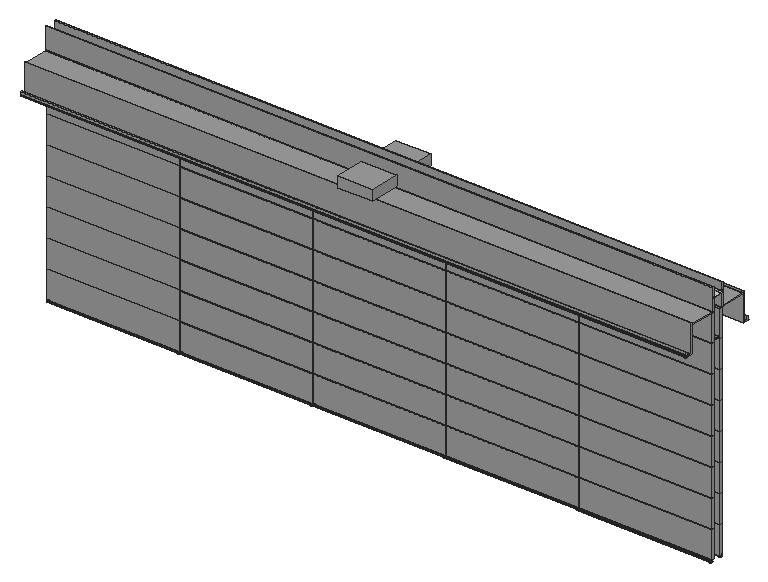
Revit family "Partition-8_Panels_High-Skyfold_Classic_Compact-14-1_to_16-1_FC_4295_to_4900", category Generic Models, host Ceiling, Revit 2026 (continued)
Definition of nested family "2D Fold Panels"
  Definition of nested family "2D Ext Panels"
    Lines and regions (in)
      detail lines, in view "Ref. Level"
        curve 28: line (-8.24087, 24.08019, 0) -> (-3.15164, 24.08019, 0)
        curve 29: line (-3.15164, 19.45519, 0) -> (-8.24087, 19.45519, 0)
        curve 30: line (-8.24087, 19.45519, 0) -> (-8.24087, 20.92119, 0)
        curve 31: line (-8.24087, 20.92119, 0) -> (-7.45687, 21.70519, 0)
        curve 32: line (-7.45687, 21.70519, 0) -> (-3.15164, 21.70519, 0)
  Definition of nested family "2D Int Panels"
    Parameters
      Assembly Code = ""
    Reference planes (in)
      plane 1 "Center (Front/Back)": y = 0
      plane 2: z = 0
      plane 3 "Center (Left/Right)": x = -12.78401
    Lines and regions (in)
      model lines, in view "Ref. Level"
        curve 1: arc (-16.55211, 0.06825, 0) -> (-16.24953, 0.15463, 0) -> (-16.11168, 0.4375, 0) r 0.38616
        curve 2: arc (-16.11168, 0.4375, 0) -> (-16.23386, 0.72219, 0) -> (-16.531, 0.80987, 0) r 0.36427
        curve 3: arc (-17.59327, 24.01194, 0) -> (-17.29068, 23.92556, 0) -> (-17.15283, 23.64269, 0) r 0.38616
        curve 4: arc (-17.15283, 23.64269, 0) -> (-17.27502, 23.358, 0) -> (-17.57215, 23.27032, 0) r 0.36427
        curve 5: line (-26.32421, 0, 0) -> (-17.87083, 0, 0)
        curve 6: line (-17.87083, 0, 0) -> (-17.87083, 0.24995, 0)
        curve 7: line (-17.87083, 0.24995, 0) -> (-16.55211, 0.06825, 0)
        curve 8: line (-16.531, 0.80987, 0) -> (-17.72553, 0.63308, 0)
        curve 9: line (-17.72553, 0.63308, 0) -> (-17.87083, 0.62287, 0)
        curve 10: line (-17.87083, 0.62287, 0) -> (-17.87083, 0.75, 0)
        curve 11: line (-17.87083, 0.75, 0) -> (-18.38883, 0.75, 0)
        curve 12: line (-18.38883, 0.75, 0) -> (-18.38883, 2.25, 0)
        curve 13: line (-18.38883, 2.25, 0) -> (-26.32421, 2.25, 0)
        curve 14: line (-26.32421, 4.625, 0) -> (-17.87083, 4.625, 0)
        curve 15: line (-17.87083, 4.625, 0) -> (-17.87083, 4.375, 0)
        curve 16: line (-17.87083, 4.375, 0) -> (-18.37083, 4.375, 0)
        curve 17: line (-18.37083, 4.375, 0) -> (-18.37083, 2.375, 0)
        curve 18: line (-18.37083, 2.375, 0) -> (-26.32421, 2.375, 0)
        curve 19: line (-26.32421, 8.73506, 0) -> (-17.87083, 8.73506, 0)
        curve 20: line (-17.87083, 8.73506, 0) -> (-17.87083, 6.48506, 0)
        curve 21: line (-17.87083, 6.48506, 0) -> (-26.32421, 6.48506, 0)
        curve 22: line (-26.32421, 11.11006, 0) -> (-17.87083, 11.11006, 0)
        curve 23: line (-17.87083, 11.11006, 0) -> (-17.87083, 10.86006, 0)
        curve 24: line (-17.87083, 10.86006, 0) -> (-18.37083, 10.86006, 0)
        curve 25: line (-18.37083, 10.86006, 0) -> (-18.37083, 8.86006, 0)
        curve 26: line (-18.37083, 8.86006, 0) -> (-26.32421, 8.86006, 0)
        curve 27: line (-26.32421, 21.70519, 0) -> (-17.87083, 21.70519, 0)
        curve 28: line (-17.87083, 21.70519, 0) -> (-17.87083, 19.45519, 0)
        curve 29: line (-17.87083, 19.45519, 0) -> (-26.32421, 19.45519, 0)
        curve 30: line (-26.32421, 24.08019, 0) -> (-18.87083, 24.08019, 0)
        curve 31: line (-18.87083, 24.08019, 0) -> (-18.868, 23.83024, 0)
        curve 32: line (-18.868, 23.83024, 0) -> (-17.59327, 24.01194, 0)
        curve 33: line (-17.57215, 23.27032, 0) -> (-18.76668, 23.44711, 0)
        curve 34: line (-18.76668, 23.44711, 0) -> (-18.90283, 23.4575, 0)
        curve 35: line (-18.90283, 23.4575, 0) -> (-18.90283, 23.33019, 0)
        curve 36: line (-18.90283, 23.33019, 0) -> (-19.17083, 23.33019, 0)
        curve 37: line (-19.17083, 23.33019, 0) -> (-19.17083, 21.83019, 0)
        curve 38: line (-19.17083, 21.83019, 0) -> (-26.32421, 21.83019, 0)
      detail lines, in view "Ref. Level"
        curve 39: line (-26.32421, 15.22013, 0) -> (-17.87083, 15.22013, 0)
        curve 40: line (-17.87083, 15.22013, 0) -> (-17.87083, 12.97013, 0)
        curve 41: line (-17.87083, 12.97013, 0) -> (-26.32421, 12.97013, 0)
        curve 42: line (-26.32421, 17.59513, 0) -> (-17.87083, 17.59513, 0)
        curve 43: line (-17.87083, 17.59513, 0) -> (-17.87083, 17.34513, 0)
        curve 44: line (-17.87083, 17.34513, 0) -> (-18.37083, 17.34513, 0)
        curve 45: line (-18.37083, 17.34513, 0) -> (-18.37083, 15.34513, 0)
        curve 46: line (-18.37083, 15.34513, 0) -> (-26.32421, 15.34513, 0)
Definition of nested family "2D Unfold Panels"
  Parameters
    Wall thickness = 0' - 11 3/4"
    Distance_Between_Panels = 2' - 3"
    Assembly Code = ""
  Reference planes (in)
    plane 1: z = 0
    plane 2 "Center (Left/Right)": x = -1.62123
    plane 3: y = 92
    plane 4: y = 65
    plane 5: y = 38
    plane 6: y = 11
    plane 7: y = -16
    plane 8: y = -43
    plane 9: y = -70
    plane 10: y = -97
    plane 11: y = -124
    plane 12: y = -123.57812
    plane 13: y = 90.875
    plane 14: x = 4.25377
    plane 15: x = -7.49623
  Lines and regions (in)
    detail lines, in view "Ref. Level"
      curve 1: line (-7.49623, 87.35408, 0) -> (-7.49623, 68.41494, 0)
      curve 2: line (-5.24612, 87.35408, 0) -> (-5.24612, 68.41494, 0)
      curve 3: line (-7.49623, 61.96489, 0) -> (-7.49623, 40.66494, 0)
      curve 4: line (-5.24612, 61.96489, 0) -> (-5.24612, 40.66494, 0)
      curve 5: line (-5.24612, 35.22786, 0) -> (-5.24612, 13.55648, 0)
      curve 6: line (-7.49623, 13.55648, 0) -> (-7.49623, 35.22786, 0)
      curve 7: line (-7.49623, -46.00081, 0) -> (-7.49623, -66.15309, 0)
      curve 8: line (-5.24612, -46.03511, 0) -> (-5.24612, -66.15309, 0)
      curve 9: line (-7.49623, 7.96489, 0) -> (-7.49623, -13.33506, 0)
      curve 10: line (-5.24612, 7.96489, 0) -> (-5.24612, -13.33506, 0)
      curve 11: line (-5.24612, -18.77214, 0) -> (-5.24612, -40.44352, 0)
      curve 12: line (-7.49623, -40.44352, 0) -> (-7.49623, -18.77214, 0)
      curve 13: line (-7.49623, -100.03511, 0) -> (-7.49623, -120.15309, 0)
      curve 14: line (-5.24612, -100.03511, 0) -> (-5.24612, -120.15309, 0)
      curve 15: line (-5.24612, -72.77214, 0) -> (-5.24612, -94.44352, 0)
      curve 16: line (-7.49623, -94.44352, 0) -> (-7.49623, -72.77214, 0)
      curve 17: line (4.25377, 87.35408, 0) -> (4.25377, 68.41494, 0)
      curve 18: line (2.00365, 87.35408, 0) -> (2.00365, 68.41494, 0)
      curve 19: line (4.25377, 61.96489, 0) -> (4.25377, 40.66494, 0)
      curve 20: line (2.00365, 61.96489, 0) -> (2.00365, 40.66494, 0)
      curve 21: line (2.00365, 35.22786, 0) -> (2.00365, 13.55648, 0)
      curve 22: line (4.25377, 13.55648, 0) -> (4.25377, 35.22786, 0)
      curve 23: line (4.25377, -46.03511, 0) -> (4.25377, -66.15309, 0)
      curve 24: line (2.00365, -46.03511, 0) -> (2.00365, -66.15309, 0)
      curve 25: line (4.25377, 7.96489, 0) -> (4.25377, -13.33506, 0)
      curve 26: line (2.00365, 7.96489, 0) -> (2.00365, -13.33506, 0)
      curve 27: line (2.00365, -18.77214, 0) -> (2.00365, -40.44352, 0)
      curve 28: line (4.25377, -40.44352, 0) -> (4.25377, -18.77214, 0)
      curve 29: line (4.25377, -100.03511, 0) -> (4.25377, -120.15309, 0)
      curve 30: line (2.00365, -100.03511, 0) -> (2.00365, -120.15309, 0)
      curve 31: line (2.00365, -72.77214, 0) -> (2.00365, -94.44352, 0)
      curve 32: line (4.25377, -94.44352, 0) -> (4.25377, -72.77214, 0)
  Dimensions and locks (in)
    "Distance_Between_Panels": plane 4 to plane 3
    locked: plane 12 to plane 11 at 0.42188
    plane 3 to plane 13 = 0' - 1 1/8"
    equal spacing: plane 11, plane 10, plane 9, plane 8, plane 7, plane 6, plane 5, plane 4, plane 3
    equal spacing: plane 15, plane 2 "Center (Left/Right)", plane 14
    "Wall thickness": plane 15 to plane 14
    aligned and locked: nested 1 to plane 2 "Center (Left/Right)"
    aligned and locked: plane 2 "Center (Left/Right)" to nested 2
    aligned and locked: plane 2 "Center (Left/Right)" to nested 3
    aligned and locked: plane 2 "Center (Left/Right)" to nested 4
    aligned and locked: plane 2 "Center (Left/Right)" to nested 5
    aligned: plane 3 to nested 5
    aligned: plane 5 to nested 4
    aligned: plane 6 to nested 3
    aligned: plane 9 to nested 2
    aligned: nested 2 to plane 9
    aligned: plane 8 to nested 6
    aligned: plane 7 to nested 7
    aligned: nested 3 to plane 6
    aligned: nested 4 to plane 5
    aligned and locked: nested 2 to plane 8
    aligned and locked: nested 6 to plane 7
    aligned and locked: nested 7 to plane 6
    aligned and locked: nested 3 to plane 5
    aligned and locked: nested 4 to plane 4
    aligned: plane 11 to nested 1
    aligned and locked: nested 8 to plane 10
    aligned and locked: nested 9 to plane 9
    aligned and locked: nested 1 to plane 12
    aligned and locked: nested 5 to plane 13
    aligned and locked: nested 8 to plane 2 "Center (Left/Right)"
    aligned and locked: nested 9 to plane 2 "Center (Left/Right)"
    aligned and locked: plane 2 "Center (Left/Right)" to nested 6
    aligned and locked: plane 2 "Center (Left/Right)" to nested 7
    aligned and locked: curve 4 to nested 4
    aligned and locked: curve 3 to nested 4
    aligned and locked: curve 19 to nested 4
    aligned and locked: curve 20 to nested 4
    aligned and locked: curve 5 to nested 3
    aligned and locked: curve 6 to nested 3
    aligned and locked: curve 21 to nested 3
    aligned and locked: curve 22 to nested 3
    aligned and locked: curve 9 to nested 7
    aligned and locked: curve 10 to nested 7
    aligned and locked: curve 26 to nested 7
    aligned and locked: curve 25 to nested 7
    aligned and locked: curve 11 to nested 6
    aligned and locked: curve 12 to nested 6
    aligned and locked: curve 27 to nested 6
    aligned and locked: curve 28 to nested 6
    aligned and locked: curve 8 to nested 2
    aligned and locked: curve 7 to nested 2
    aligned and locked: curve 24 to nested 2
    aligned and locked: curve 23 to nested 2
    aligned and locked: curve 16 to nested 9
    aligned and locked: curve 15 to nested 9
    aligned and locked: curve 31 to nested 9
    aligned and locked: curve 32 to nested 9
    aligned and locked: curve 14 to nested 8
    aligned and locked: curve 13 to nested 8
    aligned and locked: curve 30 to nested 8
    aligned and locked: curve 29 to nested 8
  Automatic sketch dimensions
    curve 1 to plane 15 = 0' - 0"
    curve 7 to plane 15 = 0' - 0"
    curve 17 to plane 14 = 0' - 0"
    plane 15 to curve 2 = 0' - 2.25011"
    curve 18 to plane 14 = 0' - 2.25011"
    curve 8 to curve 7 = 0' - 0.0343"
    plane 8 to curve 24 = 0' - 3.03511"
    curve 24 to curve 23 = 0' - 0"  (x2)
    curve 7 to plane 9 = 0' - 3.84691"
    curve 7 to curve 8 = 0' - 0"
    curve 23 to plane 9 = 0' - 3.84691"
    plane 9 to curve 32 = 0' - 2.77214"
    plane 9 to curve 15 = 0' - 2.77214"
    curve 16 to curve 15 = 0' - 0"  (x2)
    curve 31 to curve 32 = 0' - 0"  (x2)
    curve 32 to plane 10 = 0' - 2.55648"
    curve 16 to plane 10 = 0' - 2.55648"
    plane 10 to curve 13 = 0' - 3.03511"
    plane 10 to curve 29 = 0' - 3.03511"
    curve 13 to curve 14 = 0' - 0"  (x2)
    curve 30 to curve 29 = 0' - 0"  (x2)
    plane 12 to curve 14 = 0' - 3.42504"
    plane 12 to curve 30 = 0' - 3.42504"
    curve 11 to plane 8 = 0' - 2.55648"
    curve 12 to curve 11 = 0' - 0"  (x2)
    curve 27 to plane 8 = 0' - 2.55648"
    curve 27 to curve 28 = 0' - 0"  (x2)
    plane 7 to curve 27 = 0' - 2.77214"
    plane 7 to curve 12 = 0' - 2.77214"
    curve 26 to plane 7 = 0' - 2.66494"
    curve 10 to plane 7 = 0' - 2.66494"
    curve 26 to curve 25 = 0' - 0"  (x2)
    curve 9 to curve 10 = 0' - 0"  (x2)
    plane 6 to curve 9 = 0' - 3.03511"
    plane 6 to curve 25 = 0' - 3.03511"
    curve 21 to plane 6 = 0' - 2.55648"
    curve 21 to curve 22 = 0' - 0"  (x2)
    curve 5 to plane 6 = 0' - 2.55648"
    curve 6 to curve 5 = 0' - 0"  (x2)
    plane 5 to curve 21 = 0' - 2.77214"
    plane 5 to curve 5 = 0' - 2.77214"
    curve 19 to plane 5 = 0' - 2.66494"
    curve 3 to plane 5 = 0' - 2.66494"
    curve 3 to curve 4 = 0' - 0"  (x2)
    curve 20 to curve 19 = 0' - 0"  (x2)
    plane 4 to curve 3 = 0' - 3.03511"
    plane 4 to curve 20 = 0' - 3.03511"
    curve 17 to plane 4 = 0' - 3.41494"
    curve 1 to plane 4 = 0' - 3.41494"
    curve 1 to curve 2 = 0' - 0"  (x2)
    curve 18 to curve 17 = 0' - 0"  (x2)
    curve 2 to plane 13 = 0' - 3.52092"
    curve 17 to plane 13 = 0' - 3.52092"
  Nested families (in)
    nested 1: "vert fin bas" at (-2.02126, -119.33456, 0), type "vert fin bas", in view "Ref. Level"
    nested 2: "vert biseau" at (-1.66846, -46.00081, 0), type "vert biseau", in view "Ref. Level"
    nested 3: "vert levres" at (-1.72052, 35.32838, 0), type "vert levres", in view "Ref. Level"
    nested 4: "vert biseau" at (-1.66846, 61.99919, 0), type "vert biseau", in view "Ref. Level"
    nested 5: "vert fin haut" at (-1.18423, 86.63143, 0), type "vert fin haut", in view "Ref. Level"
    nested 6: "vert levres" at (-1.72052, -18.67162, 0), type "vert levres", in view "Ref. Level"
    nested 7: "vert biseau" at (-1.66846, 7.99919, 0), type "vert biseau", in view "Ref. Level"
    nested 8: "vert biseau" at (-1.66846, -100.00081, 0), type "vert biseau", in view "Ref. Level"
    nested 9: "vert levres" at (-1.72052, -72.67162, 0), type "vert levres", in view "Ref. Level"
  Definition of nested family "vert fin bas"
    Parameters
      Wall thickness = 0' - 11 3/4"
      Assembly Code = ""
    Reference planes (in)
      plane 1 "Center (Front/Back)": y = 0
      plane 2: z = 0
      plane 3 "Center (Left/Right)": x = 0.40002
      plane 4: x = -5.47498
      plane 5: x = 6.27502
    Lines and regions (in)
      model lines, in view "Ref. Level"
        curve 1: arc (-5.46512, -5.84526, 0) -> (-5.03544, -6.27494, 0) -> (-4.60575, -5.84526, 0) r 0.42968
        curve 2: line (-5.47498, 0.00284, 0) -> (-5.47498, -4.27482, 0)
        curve 3: line (-5.47498, -4.27482, 0) -> (-5.22497, -4.27482, 0)
        curve 4: line (-5.22497, -4.27482, 0) -> (-5.46512, -5.84526, 0)
        curve 5: line (-4.60575, -5.84526, 0) -> (-4.85481, -4.24357, 0)
        curve 6: line (-4.85481, -4.24357, 0) -> (-4.24567, -4.24357, 0)
        curve 7: line (-4.24567, -4.24357, 0) -> (-3.22487, -3.22277, 0)
        curve 8: line (-3.22487, -3.22277, 0) -> (-3.22487, 0.00284, 0)
        curve 9: arc (0.90004, -6.01609, 0) -> (1.25205, -5.87118, 0) -> (1.40004, -5.52045, 0) r 0.50003
        curve 10: arc (1.40004, -5.52045, 0) -> (1.38599, -5.43168, 0) -> (1.33756, -5.35598, 0) r 0.21963
        curve 11: arc (-0.53754, -5.35598, 0) -> (-0.58597, -5.43168, 0) -> (-0.60002, -5.52045, 0) r 0.21963
        curve 12: arc (-0.60002, -5.52045, 0) -> (-0.45203, -5.87118, 0) -> (-0.10001, -6.01609, 0) r 0.50003
        curve 13: arc (0.15, -4.98096, 0) -> (0.23839, -4.94435, 0) -> (0.275, -4.85595, 0) r 0.12501
        curve 14: arc (0.52502, -4.85595, 0) -> (0.56163, -4.94435, 0) -> (0.65002, -4.98096, 0) r 0.12501
        curve 15: arc (-0.60004, -4.85595, 0) -> (-0.68843, -4.89257, 0) -> (-0.72505, -4.98096, 0) r 0.12501
        curve 16: arc (-0.72505, -5.51606, 0) -> (-0.54198, -5.95803, 0) -> (-0.10001, -6.14109, 0) r 0.62503
        curve 17: arc (0.90004, -6.14109, 0) -> (1.342, -5.95803, 0) -> (1.52507, -5.51606, 0) r 0.62503
        curve 18: arc (1.52507, -4.98096, 0) -> (1.48845, -4.89257, 0) -> (1.40006, -4.85595, 0) r 0.12501
        curve 19: line (-0.10001, -6.01609, 0) -> (0.90004, -6.01609, 0)
        curve 20: line (1.33756, -5.35598, 0) -> (-0.53754, -5.35598, 0)
        curve 21: line (0.65002, -4.98096, 0) -> (1.40006, -4.98096, 0)
        curve 22: line (1.40006, -4.98096, 0) -> (1.40006, -5.23097, 0)
        curve 23: line (1.40006, -5.23097, 0) -> (-0.60004, -5.23097, 0)
        curve 24: line (-0.60004, -5.23097, 0) -> (-0.60004, -4.98096, 0)
        curve 25: line (-0.60004, -4.98096, 0) -> (0.15, -4.98096, 0)
        curve 26: line (0.275, -4.85595, 0) -> (0.275, -3.23087, 0)
        curve 27: line (0.275, -3.23087, 0) -> (0.52502, -3.23087, 0)
        curve 28: line (0.52502, -3.23087, 0) -> (0.52502, -4.85595, 0)
        curve 29: line (-0.35003, -4.98096, 0) -> (-0.35003, -4.85595, 0)
        curve 30: line (-0.35003, -4.85595, 0) -> (-0.60004, -4.85595, 0)
        curve 31: line (-0.72505, -4.98096, 0) -> (-0.72505, -5.51606, 0)
        curve 32: line (-0.10001, -6.14109, 0) -> (0.90004, -6.14109, 0)
        curve 33: line (1.52507, -5.51606, 0) -> (1.52507, -4.98096, 0)
        curve 34: line (1.40006, -4.85595, 0) -> (1.15005, -4.85595, 0)
        curve 35: line (1.15005, -4.85595, 0) -> (1.15005, -4.98096, 0)
      detail lines, in view "Ref. Level"
        curve 36: arc (6.26516, -5.84526, 0) -> (5.83548, -6.27494, 0) -> (5.4058, -5.84526, 0) r 0.42968
        curve 37: line (6.27502, 0.00284, 0) -> (6.27502, -4.27482, 0)
        curve 38: line (6.27502, -4.27482, 0) -> (6.02501, -4.27482, 0)
        curve 39: line (6.02501, -4.27482, 0) -> (6.26516, -5.84526, 0)
        curve 40: line (5.4058, -5.84526, 0) -> (5.65485, -4.24357, 0)
        curve 41: line (5.65485, -4.24357, 0) -> (5.04571, -4.24357, 0)
        curve 42: line (5.04571, -4.24357, 0) -> (4.02491, -3.22277, 0)
        curve 43: line (4.02491, -3.22277, 0) -> (4.02491, 0.00284, 0)
    Dimensions and locks (in)
      equal spacing: plane 4, plane 3 "Center (Left/Right)", plane 5
      "Wall thickness": plane 4 to plane 5
    Automatic sketch dimensions
      curve 9 to curve 17 = 0' - 0"  (x2)
      curve 12 to curve 16 = 0' - 0"  (x2)
      curve 2 to plane 4 = 0' - 0"
      curve 37 to plane 5 = 0' - 0"
      plane 4 to curve 4 = 0' - 0.00986"
      curve 2 to curve 4 = 0' - 0 1/4"
      curve 1 to curve 1 = 0' - 0 55/128"
      curve 3 to curve 5 = 0' - 0.37016"
      curve 5 to curve 6 = 0' - 0.60914"
      curve 6 to curve 8 = 0' - 1.0208"
      curve 31 to plane 3 "Center (Left/Right)" = 0' - 1.12507"
      curve 15 to curve 24 = 0' - 0 1/8"
      curve 15 to curve 24 = 0' - 0"  (x2)
      curve 31 to curve 11 = 0' - 0.12503"
      curve 23 to curve 20 = 0' - 0 1/16"
      curve 12 to curve 11 = 0' - 0.21937"
      curve 24 to curve 29 = 0' - 0 1/4"
      curve 12 to plane 3 "Center (Left/Right)" = 0' - 0.50004"
      curve 13 to plane 3 "Center (Left/Right)" = 0' - 0.25002"
      curve 26 to plane 3 "Center (Left/Right)" = 0' - 0 1/8"
      plane 3 "Center (Left/Right)" to curve 28 = 0' - 0 1/8"
      curve 14 to curve 21 = 0' - 0 1/8"
      plane 3 "Center (Left/Right)" to curve 32 = 0' - 0 1/2"
      curve 14 to curve 34 = 0' - 0.50002"
      curve 9 to curve 10 = 0' - 0.28063"
      curve 10 to curve 20 = 0' - 0.15689"
      curve 10 to curve 10 = 0' - 0 1/16"
      curve 35 to curve 21 = 0' - 0 1/4"
      curve 18 to curve 21 = 0' - 0"
      curve 9 to curve 17 = 0' - 0.12503"
      curve 43 to plane 5 = 0' - 2.25011"
      curve 42 to plane 5 = 0' - 1.22931"
      curve 40 to plane 5 = 0' - 0.86922"
      curve 41 to curve 40 = 0' - 0.60914"
      curve 36 to curve 36 = 0' - 0 55/128"
      curve 38 to plane 5 = 0' - 0 1/4"
      plane 1 "Center (Front/Back)" to curve 32 = 0' - 6.14109"
      curve 32 to curve 19 = 0' - 0 1/8"
      curve 36 to curve 17 = 0' - 0.3292"
      curve 5 to curve 16 = 0' - 0.3292"
      curve 12 to curve 11 = 0' - 0.01076"
      curve 20 to curve 23 = 0' - 0 1/8"
      curve 22 to curve 33 = 0' - 0 1/4"
      curve 12 to curve 25 = 0' - 0.5351"
      curve 14 to curve 13 = 0' - 0 1/8"
      curve 1 to curve 3 = 0' - 1.57044"
      curve 36 to curve 39 = 0' - 1.57044"
      curve 38 to curve 42 = 0' - 0 1/32"
      curve 3 to curve 7 = 0' - 0 1/32"
      curve 13 to curve 26 = 0' - 1.62508"
      curve 41 to curve 42 = 0' - 1.0208"
      curve 6 to curve 7 = 0' - 1.0208"
      curve 8 to plane 1 "Center (Front/Back)" = 0' - 0.00284"
      curve 37 to plane 1 "Center (Front/Back)" = 0' - 0.00284"
      curve 2 to plane 1 "Center (Front/Back)" = 0' - 0.00284"
      curve 43 to plane 1 "Center (Front/Back)" = 0' - 0.00284"
  Definition of nested family "vert biseau"
    Parameters
      Wall thickness = 0' - 11 3/4"
      Assembly Code = ""
    Reference planes (in)
      plane 1 "Center (Front/Back)": y = 0
      plane 2: z = 0
      plane 3 "Center (Left/Right)": x = 0.04723
      plane 4: x = -5.82777
      plane 5: x = 5.92223
    Lines and regions (in)
      model lines, in view "Ref. Level"
        curve 1: line (-3.57766, -0.0343, 0) -> (-3.57766, 2.19877, 0)
        curve 2: line (-3.57766, 2.19877, 0) -> (-4.3797, 3.00081, 0)
        curve 3: line (-4.3797, 3.00081, 0) -> (-5.82777, 3.00081, 0)
        curve 4: line (-5.82777, 3.00081, 0) -> (-5.82777, -0.0343, 0)
        curve 5: line (-5.82777, 7.20679, 0) -> (-5.82777, 3.50083, 0)
        curve 6: line (-5.82777, 3.50083, 0) -> (-4.3797, 3.50083, 0)
        curve 7: line (-4.3797, 3.50083, 0) -> (-3.57766, 4.30287, 0)
        curve 8: line (-3.57766, 4.30287, 0) -> (-3.57766, 7.20679, 0)
      detail lines, in view "Ref. Level"
        curve 9: line (3.67212, -0.0343, 0) -> (3.67212, 2.19877, 0)
        curve 10: line (3.67212, 2.19877, 0) -> (4.47416, 3.00081, 0)
        curve 11: line (4.47416, 3.00081, 0) -> (5.92223, 3.00081, 0)
        curve 12: line (5.92223, 3.00081, 0) -> (5.92223, -0.0343, 0)
        curve 13: line (5.92223, 7.20679, 0) -> (5.92223, 3.50083, 0)
        curve 14: line (5.92223, 3.50083, 0) -> (4.47416, 3.50083, 0)
        curve 15: line (4.47416, 3.50083, 0) -> (3.67212, 4.30287, 0)
        curve 16: line (3.67212, 4.30287, 0) -> (3.67212, 7.20679, 0)
    Dimensions and locks (in)
      "Wall thickness": plane 4 to plane 5
      equal spacing: plane 4, plane 3 "Center (Left/Right)", plane 5
    Automatic sketch dimensions
      curve 5 to plane 4 = 0' - 0"
      curve 4 to plane 4 = 0' - 0"
      curve 13 to plane 5 = 0' - 0"
      curve 12 to plane 5 = 0' - 0"
      curve 3 to curve 2 = 0' - 1.44807"
      curve 7 to curve 2 = 0' - 0"
      curve 2 to curve 1 = 0' - 0.80204"
      curve 6 to curve 7 = 0' - 0.80204"  (x2)
      plane 1 "Center (Front/Back)" to curve 9 = 0' - 0.0343"
      curve 9 to curve 12 = 0' - 2.25011"
      curve 16 to curve 9 = 0' - 0"
      curve 9 to curve 11 = 0' - 0.80204"
      curve 15 to curve 10 = 0' - 0"
      plane 1 "Center (Front/Back)" to curve 12 = 0' - 0.0343"
      plane 1 "Center (Front/Back)" to curve 1 = 0' - 0.0343"
      plane 1 "Center (Front/Back)" to curve 4 = 0' - 0.0343"
      curve 10 to plane 1 "Center (Front/Back)" = 0' - 2.19877"
      curve 2 to plane 1 "Center (Front/Back)" = 0' - 2.19877"
      curve 9 to curve 12 = 0' - 0.80204"
      curve 1 to curve 4 = 0' - 0.80204"
      curve 3 to curve 5 = 0' - 0.50003"
      curve 11 to curve 14 = 0' - 0.50003"
      curve 14 to curve 16 = 0' - 0.80204"
      curve 7 to curve 5 = 0' - 2.90391"
      curve 15 to curve 13 = 0' - 2.90391"
      curve 5 to curve 8 = 0' - 0"
      curve 16 to curve 13 = 0' - 0"
  Definition of nested family "vert levres"
    Parameters
      Wall thickness = 0' - 11 3/4"
      Assembly Code = ""
    Reference planes (in)
      plane 1 "Center (Front/Back)": y = 0
      plane 2: z = 0
      plane 3 "Center (Left/Right)": x = 0.09928
      plane 4: x = -5.77572
      plane 5: x = 5.97428
    Lines and regions (in)
      model lines, in view "Ref. Level"
        curve 1: line (-5.52571, 3.18965, 0) -> (-5.52571, 2.67162, 0)
        curve 2: line (-5.52571, 2.67162, 0) -> (-5.52571, 3.18965, 0)
        curve 3: line (-5.52571, 3.18965, 0) -> (-5.77572, 3.18965, 0)
        curve 4: line (-5.77572, 3.18965, 0) -> (-5.77572, -0.10051, 0)
        curve 5: line (-5.77572, 6.75409, 0) -> (-5.77572, 3.68967, 0)
        curve 6: line (-5.77572, 3.68967, 0) -> (-3.52561, 3.68967, 0)
        curve 7: line (-3.52561, 3.68967, 0) -> (-3.52561, 6.75409, 0)
        curve 8: line (-3.52561, -0.10051, 0) -> (-3.52561, 2.67162, 0)
        curve 9: line (-3.52561, 2.67162, 0) -> (-5.52571, 2.67162, 0)
      detail lines, in view "Ref. Level"
        curve 10: line (5.72427, 3.18965, 0) -> (5.72427, 2.67162, 0)
        curve 11: line (5.72427, 2.67162, 0) -> (5.72427, 3.18965, 0)
        curve 12: line (5.72427, 3.18965, 0) -> (5.97428, 3.18965, 0)
        curve 13: line (5.97428, 3.18965, 0) -> (5.97428, -0.10051, 0)
        curve 14: line (5.97428, 6.75409, 0) -> (5.97428, 3.68967, 0)
        curve 15: line (5.97428, 3.68967, 0) -> (3.72417, 3.68967, 0)
        curve 16: line (3.72417, 3.68967, 0) -> (3.72417, 6.75409, 0)
        curve 17: line (3.72417, -0.10051, 0) -> (3.72417, 2.67162, 0)
        curve 18: line (3.72417, 2.67162, 0) -> (5.72427, 2.67162, 0)
    Dimensions and locks (in)
      equal spacing: plane 4, plane 3 "Center (Left/Right)", plane 5
      "Wall thickness": plane 4 to plane 5
    Automatic sketch dimensions
      curve 5 to plane 4 = 0' - 0"
      curve 4 to plane 4 = 0' - 0"
      curve 14 to plane 5 = 0' - 0"
      curve 13 to plane 5 = 0' - 0"
      plane 4 to curve 2 = 0' - 0 1/4"
      plane 4 to curve 7 = 0' - 2.25011"
      plane 1 "Center (Front/Back)" to curve 8 = 0' - 0.10051"
      curve 4 to curve 8 = 0' - 2.25011"
      curve 18 to plane 5 = 0' - 2.25011"
      curve 16 to curve 17 = 0' - 0"
      curve 11 to curve 12 = 0' - 0 1/4"
      plane 1 "Center (Front/Back)" to curve 4 = 0' - 0.10051"
      plane 1 "Center (Front/Back)" to curve 13 = 0' - 0.10051"
      plane 1 "Center (Front/Back)" to curve 17 = 0' - 0.10051"
      curve 9 to plane 1 "Center (Front/Back)" = 0' - 2.67162"
      curve 10 to plane 1 "Center (Front/Back)" = 0' - 2.67162"
      curve 1 to curve 4 = 0' - 0.51803"
      curve 10 to curve 10 = 0' - 0.51803"
      curve 8 to curve 7 = 0' - 1.01805"
      curve 12 to curve 14 = 0' - 0.50002"
      curve 14 to curve 14 = 0' - 3.06441"
      curve 5 to curve 5 = 0' - 3.06441"
      curve 5 to curve 7 = 0' - 0"
      curve 16 to curve 14 = 0' - 0"
  Definition of nested family "vert fin haut"
    Parameters
      Wall thickness = 0' - 11 3/4"
      Assembly Code = ""
    Reference planes (in)
      plane 1 "Center (Front/Back)": y = 0
      plane 2: z = 0
      plane 3 "Center (Left/Right)": x = -0.43701
      plane 4: x = -6.31201
      plane 5: x = 5.43799
    Lines and regions (in)
      detail lines, in view "Ref. Level"
        curve 1: arc (-6.30215, 5.84526, 0) -> (-5.87246, 6.27494, 0) -> (-5.44278, 5.84526, 0) r 0.42968
        curve 2: line (-6.31201, -0.00284, 0) -> (-6.31201, 4.27482, 0)
        curve 3: line (-6.31201, 4.27482, 0) -> (-6.06199, 4.27482, 0)
        curve 4: line (-6.06199, 4.27482, 0) -> (-6.30215, 5.84526, 0)
        curve 5: line (-5.44278, 5.84526, 0) -> (-5.69183, 4.24357, 0)
        curve 6: line (-5.69183, 4.24357, 0) -> (-5.0827, 4.24357, 0)
        curve 7: line (-5.0827, 4.24357, 0) -> (-4.06189, 3.22277, 0)
        curve 8: line (-4.06189, 3.22277, 0) -> (-4.06189, -0.00284, 0)
        curve 9: arc (5.42813, 5.84526, 0) -> (4.99845, 6.27494, 0) -> (4.56877, 5.84526, 0) r 0.42968
        curve 10: line (5.43799, -0.00284, 0) -> (5.43799, 4.27482, 0)
        curve 11: line (5.43799, 4.27482, 0) -> (5.18798, 4.27482, 0)
        curve 12: line (5.18798, 4.27482, 0) -> (5.42813, 5.84526, 0)
        curve 13: line (4.56877, 5.84526, 0) -> (4.81782, 4.24357, 0)
        curve 14: line (4.81782, 4.24357, 0) -> (4.20868, 4.24357, 0)
        curve 15: line (4.20868, 4.24357, 0) -> (3.18788, 3.22277, 0)
        curve 16: line (3.18788, 3.22277, 0) -> (3.18788, -0.00284, 0)
    Dimensions and locks (in)
      equal spacing: plane 4, plane 3 "Center (Left/Right)", plane 5
      "Wall thickness": plane 4 to plane 5
    Automatic sketch dimensions
      curve 2 to plane 4 = 0' - 0"
      curve 10 to plane 5 = 0' - 0"
      plane 4 to curve 1 = 0' - 0.00986"
      plane 4 to curve 3 = 0' - 0 1/4"
      curve 1 to curve 1 = 0' - 0 55/128"
      curve 3 to curve 5 = 0' - 0.37016"
      curve 5 to curve 6 = 0' - 0.60914"
      curve 6 to curve 8 = 0' - 1.0208"
      plane 1 "Center (Front/Back)" to curve 16 = 0' - 0.00284"
      curve 16 to curve 10 = 0' - 2.25011"
      curve 15 to plane 5 = 0' - 1.22931"
      curve 9 to plane 5 = 0' - 0.86922"
      curve 14 to curve 14 = 0' - 0.60914"
      curve 9 to curve 9 = 0' - 0 55/128"
      curve 12 to curve 10 = 0' - 0 1/4"
      plane 1 "Center (Front/Back)" to curve 10 = 0' - 0.00284"
      plane 1 "Center (Front/Back)" to curve 8 = 0' - 0.00284"
      plane 1 "Center (Front/Back)" to curve 2 = 0' - 0.00284"
      curve 16 to plane 1 "Center (Front/Back)" = 0' - 3.22277"
      curve 7 to plane 1 "Center (Front/Back)" = 0' - 3.22277"
      curve 15 to curve 14 = 0' - 1.0208"
      curve 7 to curve 5 = 0' - 1.0208"
      curve 5 to curve 3 = 0' - 0 1/32"
      curve 13 to curve 12 = 0' - 0 1/32"
      curve 2 to curve 1 = 0' - 1.57044"
      curve 10 to curve 12 = 0' - 1.57044"
Definition of nested family "Suspended Ceiling Component"
  Parameters
    Assembly Code = ""
  Reference planes (in)
    plane 1 "Centre (avant/arrière)": y = 0
    plane 2: z = 0
    plane 3 "Centre (gauche/droite)": x = 0
Definition of nested family "construction as per ASTM E557 Component"
  Parameters
    Assembly Code = ""
  Reference planes (in)
    plane 1 "Centre (avant/arrière)": y = 0
    plane 2: z = 0
    plane 3 "Centre (gauche/droite)": x = 0
Definition of nested family "Disclaimer Component"
  Parameters
    Assembly Code = ""
  Reference planes (in)
    plane 1 "Centre (avant/arrière)": y = 0
    plane 2: z = 0
    plane 3 "Centre (gauche/droite)": x = 0
Types (6): name | Total Panel Height | Panel Array | Manufacturer | Description | Total Wall Length | Pocket Width"E" | Panel Length | Panel Height"F" | Center Pantographs | Number Of Panels | Motor Positionning | Height  Between Panels | Distance Between Panels | Finished Ceiling"A" | Top Of Acoustic Barrier | Beam Height"B" | Acoustic Barrier"C"
  15'- 0" | 16' - 10 1/2" | 5 | "Skyfold" | "Custom Powerlift Partitions" | 55' - 0" | 4' - 11 1/2" | 10' - 11.2" | 2' - 0 7/8" | 4 | 5 | 27' - 6" | 2' - 1 3/8" | 10' - 11.7" | 15' - 0" | 18' - 0" | 18' - 1 1/4" | 17' - 1 1/2"
  16' - 1" | 17' - 11 1/2" | 5 | "Skyfold" | "Custom Powerlift Partitions" | 54' - 0" | 5' - 2 3/4" | 10' - 8.8" | 2' - 2 1/2" | 4 | 5 | 27' - 0" | 2' - 3" | 10' - 9.3" | 16' - 1" | 20' - 0" | 19' - 2 1/4" | 18' - 2 1/2"
  14' - 1" | 15' - 11 1/2" | 6 | "Skyfold" | "Custom Powerlift Partitions\r\nCustom Powerlift Partitions" | 65' - 0" | 4' - 8 3/4" | 10' - 9 1/4" | 1' - 11 1/2" | 5 | 6 | 27' - 1 3/8" | 2' - 0" | 10' - 9 3/4" | 14' - 1" | 20' - 0" | 17' - 2 1/4" | 16' - 2 1/2"
  14' - 6" | 16' - 4 1/2" | 3 | "Skyfold" | "Custom Powerlift Partitions" | 34' - 0" | 4' - 10" | 11' - 3" | 2' - 0 1/8" | 2 | 3 | 17' - 0" | 2' - 0 5/8" | 11' - 3 1/2" | 14' - 6" | 19' - 0" | 17' - 7 1/4" | 16' - 7 1/2"
  16' - 0" | 17' - 10 1/2" | 5 | "Skyfold\r\nSkyfold" | "Custom Powerlift Partitions" | 50' - 0" | 5' - 2 1/2" | 9' - 11.2" | 2' - 2 3/8" | 4 | 5 | 25' - 0" | 2' - 2 7/8" | 9' - 11.7" | 16' - 0" | 19' - 0" | 19' - 1 1/4" | 18' - 1 1/2"
  15' - 6" | 17' - 4 1/2" | 6 | "Skyfold" | "Custom Powerlift Partitions\r\nCustom Powerlift Partitions" | 65' - 0" | 5' - 1" | 10' - 9 1/4" | 2' - 1 5/8" | 5 | 6 | 27' - 1 3/8" | 2' - 2 1/8" | 10' - 9 3/4" | 15' - 6" | 20' - 0" | 18' - 7 1/4" | 17' - 7 1/2"
